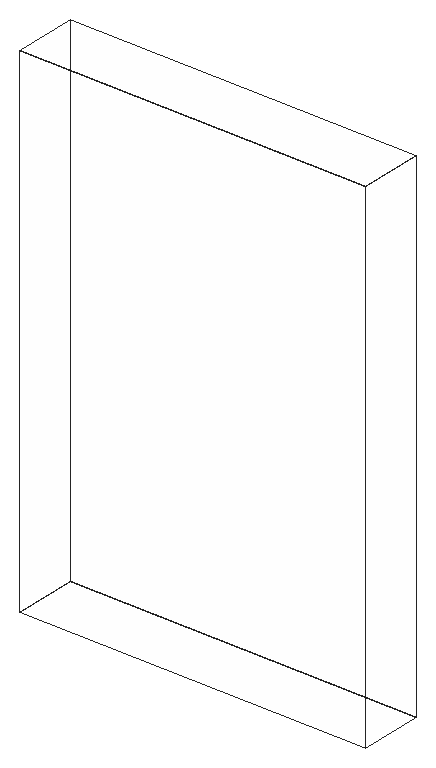
Revit family "199_Отверстие прямоугольное_(Об_Стена)", category Оборудование, Revit 2020 (continued)
Definition of nested family "155_Перемычка_(ОбМод_Стена)"
  Definition of nested family "156_Швеллер"
    Reference planes
      plane 8: z = 46
    Forms (mm)
      Extrusion 1, solid, material <- "Structural Material"
        sketch origin (0, 0, -4.5) x (0, 1, 0) y (0, 0, 1)
          loop
            line (-50, 50.5) -> (-50, 4.5) -> (50, 4.5) -> (50, 50.5) -> (45.5, 50.5) -> (45.5, 9) -> (-45.5, 9) -> (-45.5, 50.5) -> (-50, 50.5)
        from -740 to 740
    Dimensions and locks
      equal spacing: plane 4, plane 3 "По центру (Влево/Вправо)", plane 5
      "КП_Р_Длина": plane 4 to plane 5
      equal spacing: plane 6, plane 1 "По центру (Вперед/Назад)", plane 7
      "Ширина": plane 6 to plane 7
      "Высота": plane 8 to level
      "Толщина": Extrusion 1 sketch curve to Extrusion 1 sketch curve  (x3)
      aligned and locked: level to plane 2
      aligned and locked: plane 5 to Extrusion 1
      aligned and locked: Extrusion 1 to plane 4
      aligned and locked: Extrusion 1 sketch curve to plane 6
      aligned and locked: plane 7 to Extrusion 1 sketch curve
      aligned and locked: plane 8 to Extrusion 1 sketch curve  (x2)
      aligned and locked: Extrusion 1 sketch curve to level
  Definition of nested family "Проем"
    Parameters (values of type "Тип 1")
      Ширина [instance] = 500 mm
      Default Elevation = 0 mm
      Длина [instance] = 2000 mm
      Высота [instance] = 300 mm
    Reference planes
      plane 1 "Стена": y = 0
      plane 2 "По центру (Влево/Вправо)": x = 125
      plane 3 "Сзади": y = 75
      plane 4: z = 300
      plane 5: x = 1125
      plane 6: x = -875
      plane 7: y = 250
      plane 8: y = -250
    Forms (mm)
      Extrusion 1, void
        sketch origin (0, 0, 0) x (1, 0, 0) y (0, 0, 1)
          loop
            line (1125, 300) -> (-875, 300) -> (-875, 0) -> (1125, 0) -> (1125, 300)
        from -250 to 250
    Text (mm)
      text "Сторона размещения" at (-1848.837, 1116.779, 0), in view "Опорный уровень"
      text "Сторона размещения" at (0, 1409.804, 2854.306), in view "Слева"
      text "Сторона размещения" at (0, 499.811, 2980.732), in view "Справа"
    Dimensions and locks
      locked: plane 3 "Сзади" to host wall
      equal spacing: plane 6, plane 2 "По центру (Влево/Вправо)", plane 5
      "Длина": plane 6 to plane 5
      "Высота": level to plane 4
      equal spacing: plane 7, plane 1 "Стена", plane 8
      "Ширина": plane 7 to plane 8
      aligned and locked: plane 1 "Стена" to host wall
      aligned and locked: level to Extrusion 1 sketch curve
      aligned and locked: plane 5 to Extrusion 1 sketch curve
      aligned and locked: Extrusion 1 sketch curve to plane 4
      aligned and locked: Extrusion 1 sketch curve to plane 6
      aligned and locked: plane 7 to Extrusion 1
      aligned and locked: Extrusion 1 to plane 8
Definition of nested family "Заливка Цветная Отверстие_План"
  Parameters (values of type "ОВ общее")
    системный_панель_толщина [instance] = 20 mm
    системный_панель_смещение [instance] = if(смещение вглубь < 1 mm, 1 mm, смещение вглубь)  # 10 mm
    системный_панель_положение 2 [instance] = no
    системный_панель_положение 1 [instance] = no
    системный_панель_зазор [instance] = if(панель_зазоры < 1 mm, 1 mm, панель_зазоры)  # 10 mm
    панель_зазоры [instance] = 10 mm
    системный_панель_выключено [instance] = and(not(системный_панель_положение 1), not(системный_панель_положение 2))  # yes
    смещение вглубь [instance] = 10 mm
    Синий = no
    Серый = no
    Оранжевый = no
    Несколько категорий = no
    Красный = no
    Желтый = no
    Желто-зеленый = yes
    L [instance] = 400 mm
    W [instance] = 200 mm
  Types (7, lengths in mm): name | системный_панель_смещение | системный_панель_положение 2 | системный_панель_зазор | панель_зазоры | системный_панель_выключено | смещение вглубь | Синий | Серый | Оранжевый | Несколько категорий | Красный | Желтый | Желто-зеленый | L | W
    ЭОМ | 10 | no | 10 | 10 | yes | 10 | no | no | no | no | yes | no | no | 545 | 265
    ОВ | 10 | no | 10 | 10 | yes | 10 | no | no | no | no | no | yes | no | 400 | 200
    СС | 10 | no | 10 | 10 | yes | 10 | no | no | yes | no | no | no | no | 400 | 200
    ВК | 1 | yes | 1 | 0 | no | 0 | yes | no | no | no | no | no | no | 400 | 200
    Без заливки | 10 | no | 10 | 10 | yes | 10 | no | no | no | yes | no | no | no | 400 | 200
    Общая | 10 | no | 10 | 10 | yes | 10 | no | yes | no | no | no | no | no | 400 | 200
    ОВ общее | 10 | no | 10 | 10 | yes | 10 | no | no | no | no | no | no | yes | 400 | 200
  Reference planes
    plane 1 "По центру (Вперед/Назад)": y = 0
    plane 2: z = 0
    plane 3 "По центру (Влево/Вправо)": x = 0
    plane 4: x = 200
    plane 5: y = -100
    plane 6: y = 100
    plane 7: x = -200
    plane 8: y = -90
    plane 9: y = -70
    plane 10: y = 70
    plane 11: y = 90
    plane 12: x = 190
    plane 13: x = -190
  Lines and regions (mm)
    Filled region 1, type "Синий", in view "Опорный уровень", visible <- "Синий", detail levels coarse+medium
      outline origin (0, 0, 0) x (1, 0, 0) y (0, 1, 0)
        loop
          line (200, -100) -> (200, 100) -> (-200, 100) -> (-200, -100) -> (200, -100)
    Filled region 2, type "Оранжевый", in view "Опорный уровень", visible <- "Оранжевый", detail levels coarse+medium
      outline origin (0, 0, 0) x (1, 0, 0) y (0, 1, 0)
        loop
          line (200, -100) -> (200, 100) -> (-200, 100) -> (-200, -100) -> (200, -100)
    Filled region 3, type "Желтый", in view "Опорный уровень", visible <- "Желтый", detail levels coarse+medium
      outline origin (0, 0, 0) x (1, 0, 0) y (0, 1, 0)
        loop
          line (200, -100) -> (200, 100) -> (-200, 100) -> (-200, -100) -> (200, -100)
    Filled region 4, type "Красный", in view "Опорный уровень", visible <- "Красный", detail levels coarse+medium
      outline origin (0, 0, 0) x (1, 0, 0) y (0, 1, 0)
        loop
          line (200, -100) -> (200, 100) -> (-200, 100) -> (-200, -100) -> (200, -100)
    Filled region 5, type "Желто-зеленый", in view "Опорный уровень", visible <- "Желто-зеленый", detail levels coarse+medium
      outline origin (0, 0, 0) x (1, 0, 0) y (0, 1, 0)
        loop
          line (200, -100) -> (200, 100) -> (-200, 100) -> (-200, -100) -> (200, -100)
    Filled region 6, type "Серый", in view "Опорный уровень", visible <- "Серый", detail levels coarse+medium
      outline origin (0, 0, 0) x (1, 0, 0) y (0, 1, 0)
        loop
          line (200, -100) -> (200, 100) -> (-200, 100) -> (-200, -100) -> (200, -100)
    Filled region 7, type "Проем", in view "Опорный уровень", visible <- "системный_панель_выключено", detail levels fine
      outline origin (0, 0, 0) x (1, 0, 0) y (0, 1, 0)
        loop
          line (200, -100) -> (200, 100) -> (-200, 100) -> (-200, -100) -> (200, -100)
    Filled region 8, type "Проем", in view "Опорный уровень", visible <- "системный_панель_положение 1", detail levels fine
      outline origin (529.145, 293.31, 0) x (1, 0, 0) y (0, 1, 0)
        loop
          line (-729.145, -193.31) -> (-729.145, -393.31) -> (-329.145, -393.31) -> (-329.145, -193.31) -> (-729.145, -193.31)
        loop
          line (-719.145, -223.31) -> (-339.145, -223.31) -> (-339.145, -203.31) -> (-719.145, -203.31) -> (-719.145, -223.31)
    Filled region 9, type "Проем", in view "Опорный уровень", visible <- "системный_панель_положение 2", detail levels fine
      outline origin (529.145, -161.69, 0) x (1, 0, 0) y (0, 1, 0)
        loop
          line (-719.145, 71.69) -> (-339.145, 71.69) -> (-339.145, 91.69) -> (-719.145, 91.69) -> (-719.145, 71.69)
        loop
          line (-329.145, 261.69) -> (-729.145, 261.69) -> (-729.145, 61.69) -> (-329.145, 61.69) -> (-329.145, 261.69)
    detail lines, in view "Опорный уровень", visible <- "Синий"
      curve 1: line (-200, 100, 0) -> (200, 100, 0)
      curve 2: line (-200, -100, 0) -> (-200, 100, 0)
      curve 3: line (200, -100, 0) -> (-200, -100, 0)
      curve 4: line (200, 100, 0) -> (200, -100, 0)
    detail lines, in view "Опорный уровень", visible <- "Желтый"
      curve 5: line (-200, 100, 0) -> (200, 100, 0)
      curve 6: line (-200, -100, 0) -> (-200, 100, 0)
      curve 7: line (200, -100, 0) -> (-200, -100, 0)
      curve 8: line (200, 100, 0) -> (200, -100, 0)
    detail lines, in view "Опорный уровень", visible <- "Оранжевый"
      curve 9: line (-200, 100, 0) -> (200, 100, 0)
      curve 10: line (-200, -100, 0) -> (-200, 100, 0)
      curve 11: line (200, -100, 0) -> (-200, -100, 0)
      curve 12: line (200, 100, 0) -> (200, -100, 0)
    detail lines, in view "Опорный уровень", visible <- "Красный"
      curve 13: line (-200, 100, 0) -> (200, 100, 0)
      curve 14: line (-200, -100, 0) -> (-200, 100, 0)
      curve 15: line (200, -100, 0) -> (-200, -100, 0)
      curve 16: line (200, 100, 0) -> (200, -100, 0)
    detail lines, in view "Опорный уровень", visible <- "Несколько категорий"
      curve 17: line (-200, 100, 0) -> (200, 100, 0)
      curve 18: line (-200, -100, 0) -> (-200, 100, 0)
      curve 19: line (200, -100, 0) -> (-200, -100, 0)
      curve 20: line (200, 100, 0) -> (200, -100, 0)
    detail lines, in view "Опорный уровень", visible <- "Серый"
      curve 21: line (-200, -100, 0) -> (-200, 100, 0)
      curve 22: line (200, -100, 0) -> (-200, -100, 0)
      curve 23: line (-200, 100, 0) -> (200, 100, 0)
      curve 24: line (200, 100, 0) -> (200, -100, 0)
    detail lines, in view "Опорный уровень", visible <- "Желто-зеленый"
      curve 25: line (-200, -100, 0) -> (-200, 100, 0)
      curve 26: line (200, -100, 0) -> (-200, -100, 0)
      curve 27: line (-200, 100, 0) -> (200, 100, 0)
      curve 28: line (200, 100, 0) -> (200, -100, 0)
    detail lines, in view "Опорный уровень", visible <- "Синий", detail levels coarse+medium
      curve 29: line (200, 100, 0) -> (-200, -100, 0)
    detail lines, in view "Опорный уровень", visible <- "Серый", detail levels coarse+medium
      curve 30: line (200, 100, 0) -> (-200, -100, 0)
    detail lines, in view "Опорный уровень", visible <- "Желтый", detail levels coarse+medium
      curve 31: line (200, 100, 0) -> (-200, -100, 0)
    detail lines, in view "Опорный уровень", visible <- "Желто-зеленый", detail levels coarse+medium
      curve 32: line (200, 100, 0) -> (-200, -100, 0)
    detail lines, in view "Опорный уровень", visible <- "Оранжевый", detail levels coarse+medium
      curve 33: line (200, 100, 0) -> (-200, -100, 0)
    detail lines, in view "Опорный уровень", visible <- "Красный", detail levels coarse+medium
      curve 34: line (200, 100, 0) -> (-200, -100, 0)
  Dimensions and locks
    equal spacing: plane 7, plane 3 "По центру (Влево/Вправо)", plane 4
    equal spacing: plane 6, plane 1 "По центру (Вперед/Назад)", plane 5
    "W": plane 6 to plane 5
    "L": plane 7 to plane 4
    "системный_панель_смещение": plane 8 to plane 5
    "системный_панель_толщина": plane 9 to plane 8
    "системный_панель_смещение": plane 6 to plane 11
    "системный_панель_толщина": plane 11 to plane 10
    "системный_панель_зазор": plane 7 to plane 13
    "системный_панель_зазор": plane 12 to plane 4
    aligned and locked: plane 5 to curve 19
    aligned and locked: plane 7 to curve 18
    aligned and locked: curve 17 to plane 6
    aligned and locked: curve 20 to plane 4
    aligned and locked: plane 7 to Filled region 7 sketch curve
    aligned and locked: Filled region 7 sketch curve to plane 4
    aligned and locked: Filled region 7 sketch curve to plane 6
    aligned and locked: plane 5 to Filled region 7 sketch curve
    aligned and locked: Filled region 9 sketch curve to plane 8
    aligned and locked: Filled region 9 sketch curve to plane 9
    aligned and locked: Filled region 9 sketch curve to plane 4
    aligned and locked: Filled region 9 sketch curve to plane 5
    aligned and locked: Filled region 9 sketch curve to plane 7
    aligned and locked: Filled region 9 sketch curve to plane 6
    aligned and locked: Filled region 8 sketch curve to plane 6
    aligned and locked: Filled region 8 sketch curve to plane 7
    aligned and locked: Filled region 8 sketch curve to plane 4
    aligned and locked: Filled region 8 sketch curve to plane 5
    aligned and locked: Filled region 8 sketch curve to plane 10
    aligned and locked: Filled region 8 sketch curve to plane 11
    aligned and locked: Filled region 8 sketch curve to plane 12
    aligned and locked: Filled region 8 sketch curve to plane 13
    aligned and locked: Filled region 9 sketch curve to plane 12
    aligned and locked: Filled region 9 sketch curve to plane 13
  Automatic sketch dimensions
    Filled region 1 sketch curve to plane 5 = 0 mm
    Filled region 1 sketch curve to plane 7 = 0 mm
    Filled region 1 sketch curve to plane 4 = 0 mm
    Filled region 1 sketch curve to plane 6 = 0 mm
    Filled region 2 sketch curve to plane 5 = 0 mm
    Filled region 2 sketch curve to plane 7 = 0 mm
    Filled region 2 sketch curve to plane 4 = 0 mm
    Filled region 2 sketch curve to plane 6 = 0 mm
    Filled region 3 sketch curve to plane 5 = 0 mm
    Filled region 3 sketch curve to plane 7 = 0 mm
    Filled region 3 sketch curve to plane 4 = 0 mm
    Filled region 3 sketch curve to plane 6 = 0 mm
    Filled region 4 sketch curve to plane 5 = 0 mm
    Filled region 4 sketch curve to plane 7 = 0 mm
    Filled region 4 sketch curve to plane 4 = 0 mm
    Filled region 4 sketch curve to plane 6 = 0 mm
    Filled region 5 sketch curve to plane 5 = 0 mm
    Filled region 5 sketch curve to plane 7 = 0 mm
    Filled region 5 sketch curve to plane 4 = 0 mm
    Filled region 5 sketch curve to plane 6 = 0 mm
    Filled region 6 sketch curve to plane 5 = 0 mm
    Filled region 6 sketch curve to plane 7 = 0 mm
    Filled region 6 sketch curve to plane 4 = 0 mm
    Filled region 6 sketch curve to plane 6 = 0 mm
Definition of nested family "Панель УГО"
  Parameters (values of type "Белый")
    Белый = yes
    L [instance] = 545 mm
    W [instance] = 265 mm
  Reference planes
    plane 1 "По центру (Вперед/Назад)": y = 0
    plane 2: z = 0
    plane 3 "По центру (Влево/Вправо)": x = 0
    plane 4: x = 272.5
    plane 5: y = -132.5
    plane 6: y = 132.5
    plane 7: x = -272.5
  Lines and regions (mm)
    Filled region 1, type "Оранжевый", in view "Опорный уровень", not visible, detail levels coarse+medium
      outline origin (0, 0, 0) x (1, 0, 0) y (0, 1, 0)
        loop
          line (272.5, -132.5) -> (272.5, 132.5) -> (-272.5, 132.5) -> (-272.5, -132.5) -> (272.5, -132.5)
    Filled region 2, type "Желтый", in view "Опорный уровень", not visible, detail levels coarse+medium
      outline origin (0, 0, 0) x (1, 0, 0) y (0, 1, 0)
        loop
          line (272.5, -132.5) -> (272.5, 132.5) -> (-272.5, 132.5) -> (-272.5, -132.5) -> (272.5, -132.5)
    Filled region 3, type "Желто-зеленый", in view "Опорный уровень", not visible, detail levels coarse+medium
      outline origin (0, 0, 0) x (1, 0, 0) y (0, 1, 0)
        loop
          line (272.5, -132.5) -> (272.5, 132.5) -> (-272.5, 132.5) -> (-272.5, -132.5) -> (272.5, -132.5)
    Filled region 4, type "Серый", in view "Опорный уровень", not visible, detail levels coarse+medium
      outline origin (0, 0, 0) x (1, 0, 0) y (0, 1, 0)
        loop
          line (272.5, -132.5) -> (272.5, 132.5) -> (-272.5, 132.5) -> (-272.5, -132.5) -> (272.5, -132.5)
    Filled region 5, type "Белый", in view "Опорный уровень"
      outline origin (0, 0, 0) x (1, 0, 0) y (0, 1, 0)
        loop
          line (272.5, -132.5) -> (272.5, 132.5) -> (-272.5, 132.5) -> (-272.5, -132.5) -> (272.5, -132.5)
    detail lines, in view "Опорный уровень", not visible
      curve 1: line (-272.5, 132.5, 0) -> (272.5, 132.5, 0)
      curve 2: line (-272.5, -132.5, 0) -> (-272.5, 132.5, 0)
      curve 3: line (272.5, -132.5, 0) -> (-272.5, -132.5, 0)
      curve 4: line (272.5, 132.5, 0) -> (272.5, -132.5, 0)
      curve 5: line (-272.5, 132.5, 0) -> (272.5, 132.5, 0)
      curve 6: line (-272.5, -132.5, 0) -> (-272.5, 132.5, 0)
      curve 7: line (272.5, -132.5, 0) -> (-272.5, -132.5, 0)
      curve 8: line (272.5, 132.5, 0) -> (272.5, -132.5, 0)
      curve 9: line (-272.5, 132.5, 0) -> (272.5, 132.5, 0)
      curve 10: line (-272.5, -132.5, 0) -> (-272.5, 132.5, 0)
      curve 11: line (272.5, -132.5, 0) -> (-272.5, -132.5, 0)
      curve 12: line (272.5, 132.5, 0) -> (272.5, -132.5, 0)
      curve 13: line (-272.5, -132.5, 0) -> (-272.5, 132.5, 0)
      curve 14: line (272.5, -132.5, 0) -> (-272.5, -132.5, 0)
      curve 15: line (-272.5, 132.5, 0) -> (272.5, 132.5, 0)
      curve 16: line (272.5, 132.5, 0) -> (272.5, -132.5, 0)
      curve 17: line (-272.5, -132.5, 0) -> (-272.5, 132.5, 0)
      curve 18: line (272.5, -132.5, 0) -> (-272.5, -132.5, 0)
      curve 19: line (-272.5, 132.5, 0) -> (272.5, 132.5, 0)
      curve 20: line (272.5, 132.5, 0) -> (272.5, -132.5, 0)
    detail lines, in view "Опорный уровень", not visible, detail levels coarse+medium
      curve 21: line (272.5, 132.5, 0) -> (-272.5, -132.5, 0)
      curve 22: line (272.5, 132.5, 0) -> (-272.5, -132.5, 0)
      curve 23: line (272.5, 132.5, 0) -> (-272.5, -132.5, 0)
      curve 24: line (272.5, 132.5, 0) -> (-272.5, -132.5, 0)
  Dimensions and locks
    equal spacing: plane 7, plane 3 "По центру (Влево/Вправо)", plane 4
    equal spacing: plane 6, plane 1 "По центру (Вперед/Назад)", plane 5
    "W": plane 6 to plane 5
    "L": plane 7 to plane 4
    aligned and locked: plane 5 to curve 11
    aligned and locked: plane 7 to curve 10
    aligned and locked: curve 9 to plane 6
    aligned and locked: curve 12 to plane 4
    aligned and locked: plane 7 to Filled region 5 sketch curve
    aligned and locked: Filled region 5 sketch curve to plane 4
    aligned and locked: Filled region 5 sketch curve to plane 6
    aligned and locked: plane 5 to Filled region 5 sketch curve
  Automatic sketch dimensions
    Filled region 1 sketch curve to plane 5 = 0 mm
    Filled region 1 sketch curve to plane 7 = 0 mm
    Filled region 1 sketch curve to plane 4 = 0 mm
    Filled region 1 sketch curve to plane 6 = 0 mm
    Filled region 2 sketch curve to plane 5 = 0 mm
    Filled region 2 sketch curve to plane 7 = 0 mm
    Filled region 2 sketch curve to plane 4 = 0 mm
    Filled region 2 sketch curve to plane 6 = 0 mm
    Filled region 3 sketch curve to plane 5 = 0 mm
    Filled region 3 sketch curve to plane 7 = 0 mm
    Filled region 3 sketch curve to plane 4 = 0 mm
    Filled region 3 sketch curve to plane 6 = 0 mm
    Filled region 4 sketch curve to plane 5 = 0 mm
    Filled region 4 sketch curve to plane 7 = 0 mm
    Filled region 4 sketch curve to plane 4 = 0 mm
    Filled region 4 sketch curve to plane 6 = 0 mm
Types (6, lengths in mm): name | Ширина | Цвет_Разрез | Цвет_План | Комментарии к типоразмеру | КП_Р_Ширина
  ВК | 1000 | Заливка Цветная Прямоугольное Отверстие_Разрез : ВК | Заливка Цветная Отверстие_План : ВК | "ВК" | 1100
  ОВ | 1000 | Заливка Цветная Прямоугольное Отверстие_Разрез : ОВ | Заливка Цветная Отверстие_План : ОВ | "ОВ" | 1100
  СС | 1000 | Заливка Цветная Прямоугольное Отверстие_Разрез : СС | Заливка Цветная Отверстие_План : СС | "СС" | 1100
  ЭОМ | 900 | Заливка Цветная Прямоугольное Отверстие_Разрез : ЭОМ | Заливка Цветная Отверстие_План : ЭОМ | "ЭОМ" | 1000
  Несколько категорий | 1000 | Заливка Цветная Прямоугольное Отверстие_Разрез : Без заливки | Заливка Цветная Отверстие_План : Без заливки | 0 | 1100
  ОВ общее | 1000 | Заливка Цветная Прямоугольное Отверстие_Разрез : ОВ общее | Заливка Цветная Отверстие_План : ОВ общее | "ОВ" | 1100
